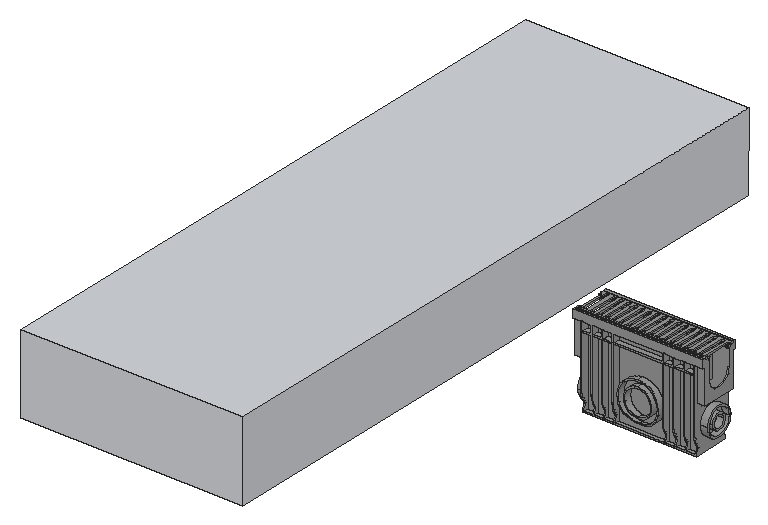
Revit family "PLASTIC SAND TRAP BASE DN100 Grate", category Оборудование, Revit 2019
Family settings
  Основа = Грань
  Размер круглого соединителя = Использовать диаметр
  Тип детали = Нормальный
  При загрузке вырезать с полостями = Нет
  Общий = Да
  Точка расчета площади = Нет
Parameters (values of type "8080")
  fastening [instance] = not(or(Drainage Grating = [A10-08], Drainage Grating = [A10-10], Drainage Grating = [A10-17], Drainage Grating = [A10-02], Drainage Grating = [A10-13]))  # no
  Drainage Grating [instance] = Brass slotted A15 : 2075
  Choise fastening [instance] = Choice of fastening : 6100-35
  no = No : No
  lattice [instance] = if(Drainage Grating = [A10-01], [G10-01], if(Drainage Grating = [A10-02], [G10-02], if(Drainage Grating = [A10-03], [G10-03], if(Drainage Grating = [A10-04], [G10-04], if(Drainage Grating = [A10-05], [G10-05], if(Drainage Grating = [A10-06], [G10-06], if(Drainage Grating = [A10-07], [G10-07], if(Drainage Grating = [A10-08], [G10-08], if(Drainage Grating = [A10-09], [G10-09], if(Drainage Grating = [A10-10], [G10-10], if(Drainage Grating = [A10-11], [G10-11], if(Drainage Grating = [A10-12], [G10-12], if(Drainage Grating = [A10-13], [G10-13], if(Drainage Grating = [A10-14], [G10-14], if(Drainage Grating = [A10-15], [G10-15], if(Drainage Grating = [A10-16], [G10-16], if(Drainage Grating = [A10-17], [G10-17], if(Drainage Grating = [A10-18], [G10-18], if(Drainage Grating = [A5-01], [G5-01], if(Drainage Grating = [A5-02], [G5-02], if(Drainage Grating = [A5-03], [G5-03], if(Drainage Grating = [A5-04], [G5-04], if(Drainage Grating = [A5-05], [G5-05], if(Drainage Grating = [A5-06], [G5-06], if(Drainage Grating = [A5-07], [G5-07], no)))))))))))))))))))))))))  # Brass grate Base DN100 slotted A15 0,5 m : 2075
  G5-07 = Plastic grate Base DN100 slotted A15 : 208019
  G5-06 = Cast iron grate Base DN100 slotted Wave С250 : 2030351
  G5-05 = Cast iron grate Base DN100 slotted Protector С250 : 203032
  G5-04 = Cast iron grate Base DN100 slotted anti-slip С250 : 20303
  G5-03 = Cast iron grate Base DN100 slotted С250 : 283031
  G5-02 = Cast iron grate Base DN100 slotted ADA С250 : 20403-ADA
  G5-01 = Cast iron grate Base DN100 mesh В125 : 20402
  G10-18 = Galvanized steel grate Base DN100 slotted for fastener A15 0,5 m : 20151
  G10-17 = Galvanized steel grate Base DN100 slotted A15 0,5 m : 2015
  G10-16 = Galvanized Steel Grate Base DN100 Mesh ADA A15 0,5 m : 2025
  G10-15 = Galvanized Steel Grate Base DN100 Mesh A15 0,5 m : 202516
  G10-14 = Galvanized Steel Grate Base DN100 Heelproof A15 screw fastening 0,5 m : 2025181
  G10-13 = Galvanized Steel Grate Base DN100 Heelproof A15 0,5 m : 202518
  G10-12 = Galvanized Steel Grate Base DN100 Mesh ADA B125 0,5 m : 20252
  G10-11 = Copper grate Base DN100 slotted for fastener A15 0,5 m : 20651
  G10-10 = Copper grate Base DN100 slotted A15 0,5 m : 2065
  G10-09 = Brass grate Base DN100 slotted for fastener A15 0,5 m : 20751
  G10-08 = Brass grate Base DN100 slotted A15 0,5 m : 2075
  G10-07 = Stainless steel grate Base DN100 slotted for fastener A15 0,5 m : 20951
  G10-06 = Stainless steel grate Base DN100 slotted A15 0,5 m : 2095
  G10-05 = Stainless Steel Grate Base DN100 Mesh ADA A15 0,5 m : 2055
  G10-04 = Stainless Steel Grate Base DN100 Mesh A15 0,5 m : 205516
  G10-03 = Stainless Steel Grate Base DN100 Heelproof A15 screw fastening 0,5 m : 2055181
  G10-02 = Stainless Steel Grate Base DN100 Heelproof A15 0,5 m : 205518
  G10-01 = Stainless Steel Grate Base DN100 Mesh ADA B125 0,5 m : 20552
  Fr3 = Fastening : 6800-35
  Fr2 = Fastening : 6200-35
  Fr1 = Fastening : 6100-35
  Fr [instance] = if(Choise fastening = Fa1, Fr1, if(Choise fastening = Fa2, Fr2, if(or(Drainage Grating = [A10-01], Drainage Grating = [A10-02], Drainage Grating = [A10-03], Drainage Grating = [A10-04], Drainage Grating = [A10-05], Drainage Grating = [A10-12], Drainage Grating = [A10-13], Drainage Grating = [A10-14], Drainage Grating = [A10-15], Drainage Grating = [A10-16]), Fr1, Fr3)))  # Fastening : 6100-35
  Fa2 = Choice of fastening : 6200-35
  Fa1 = Choice of fastening : 6100-35
  Dp50 = Dp : 50
  ConnectorFront = TC : Front
  ConnectorRight = TC : Right
  ConnectorLeft = TC : Left
  ConnectorBack = TC : Back
  Connection [instance] = TC : Back
  Channel = Plastic sand trap Base DN100 : 8080
  Connector angle [instance] = if(Connection = ConnectorLeft, 90.00°, if(Connection = ConnectorRight, 270.00°, if(Connection = ConnectorFront, 180.00°, if(Connection = ConnectorBack, 0.00°, 0.00°))))  # 0.00°
  Tray sinking [instance] = 20 mm  # constant formula
  Cap right [instance] = no
  Cap left [instance] = no
  Pipe diameter [instance] = Dp : 110
  Группа модели = "Linear drainage"  # constant formula
  L_line [instance] = if(or(Connection = ConnectorRight, Connection = ConnectorLeft), 78 mm, 250 mm)  # 250 mm
  H_Connector [instance] = if(or(Connection = ConnectorRight, Connection = ConnectorLeft), 250 mm, if(Connection = ConnectorFront, 249.5 mm, if(Connection = ConnectorBack, 282 mm, 0 mm)))  # 282 mm
  Dp160 = Dp : 160
  Dp110 = Dp : 110
  Dp [instance] = if(and(Pipe diameter = Dp160, or(Connection = ConnectorLeft, Connection = ConnectorRight)), 160 mm, if(and(or(Pipe diameter = Dp110, Pipe diameter = Dp50), or(Connection = ConnectorLeft, Connection = ConnectorRight)), 110 mm, if(and(Pipe diameter = Dp50, or(Connection = ConnectorBack, Connection = ConnectorFront)), 50 mm, 110 mm)))  # 110 mm
  CutUp [instance] = ADSK_Dimension_Height + Tray sinking  # 370 mm
  CutDown [instance] = -CutUp  # -370 mm
  Default Elevation = 0 mm
  W2 = 156 mm  # constant formula
  W1 = 160 mm  # constant formula
  Basket [instance] = yes
  ADSK_Weight = 2.6
  ADSK_Unit = "pcs"  # constant formula
  ADSK_Sealant = 11
  ADSK_Product code = "8080"
  ADSK_Position [instance] = ""
  ADSK_Name = "Plastic sand trap Base DN100 H350"
  ADSK_Material_Name = "Plastic"  # constant formula
  ADSK_Manufacturer = "Vodaland"  # constant formula
  ADSK_Load class = "C250"
  ADSK_Dimension_Width = 156 mm  # constant formula
  ADSK_Dimension_Lenght = 500 mm
  ADSK_Dimension_Height = 350 mm
  ADSK_Dimension_Diameter = 100 mm  # constant formula
  ADSK_Annotation [instance] = ""
  A5-07 = Plastic slotted A15 : 208019
  A5-06 = Cast iron slotted Wave С250 : 2030351
  A5-05 = Cast iron slotted Protector С250 : 203032
  A5-04 = Cast iron slotted anti-slip С250 : 20303
  A5-03 = Cast iron slotted С250 : 283031
  A5-02 = Cast iron slotted ADA С250 : 20403-ADA
  A5-01 = Cast iron mesh В125 : 20402
  A10-18 = Galvanized steel slotted for fastener A15 : 20151
  A10-17 = Galvanized steel slotted A15 : 2015
  A10-16 = Galvanized Steel Mesh ADA A15 : 2025
  A10-15 = Galvanized Steel Mesh A15 : 202516
  A10-14 = Galvanized Steel Heelproof A15 screw fastening : 2025181
  A10-13 = Galvanized Steel Heelproof A15 : 202518
  A10-12 = Galvanized Steel Mesh ADA B125 : 20252
  A10-11 = Copper slotted for fastener A15 : 20651
  A10-10 = Copper slotted A15 : 2065
  A10-09 = Brass slotted for fastener A15 : 20751
  A10-08 = Brass slotted A15 : 2075
  A10-07 = Stainless steel slotted for fastener A15 : 20951
  A10-06 = Stainless steel slotted A15 : 2095
  A10-05 = Stainless Steel Mesh ADA A15 : 2055
  A10-04 = Stainless Steel Mesh A15 : 205516
  A10-03 = Stainless Steel Heelproof A15 screw fastening : 2055181
  A10-02 = Stainless Steel Heelproof A15 : 205518
  A10-01 = Stainless Steel Mesh ADA B125 : 20552
Types (2, lengths in mm): name | CutUp | CutDown | ADSK_Product code | ADSK_Name | ADSK_Dimension_Lenght | ADSK_Dimension_Height
  8080 | 370 | -370 | "8080" | "Plastic sand trap Base DN100 H350" | 500 | 350
  8087 | 420 | -420 | "8087" | "Plastic sand trap Base DN100 H500 reinforced" | 507 | 400
Reference planes
  plane 1 "По центру (Вперед/Назад)": y = 0
  plane 2: z = 0
  plane 3 "По центру (Влево/Вправо)": x = 0
  plane 4: x = 500
  plane 5: y = 78
  plane 6: y = -78
  plane 7: x = 250
  plane 8: z = -20
  plane 9 "Down": z = -370
  plane 10 "middle": z = -302
Forms (mm)
  Extrusion 1, solid
    sketch origin (0, 0, 0) x (1, 0, 0) y (0, 1, 0)
      loop
        line (-1219.2, 1219.2) -> (-1219.2, -1219.2) -> (-362.167, -1219.2) -> (-362.167, 1219.2) -> (-1219.2, 1219.2)
    from 0 to -304.8
  Extrusion 2, void
    sketch origin (0, 0, 0) x (1, 0, 0) y (0, 1, 0)
      loop
        line (0, 78) -> (0, -78) -> (500, -78) -> (500, 78) -> (0, 78)
    from 0 to -370 <- "CutDown"
Lines and regions (mm)
  reference lines
    curve 1: line (0, 0, -302) -> (250, 0, -302)
Dimensions and locks
  equal spacing: plane 5, plane 1 "По центру (Вперед/Назад)", plane 6
  "ADSK_Dimension_Width": plane 5 to plane 6
  "ADSK_Dimension_Lenght": plane 3 "По центру (Влево/Вправо)" to plane 4
  equal spacing: plane 3 "По центру (Влево/Вправо)", plane 7, plane 4
  plane 7 to plane 4 = 250 mm
  plane 3 "По центру (Влево/Вправо)" to plane 7 = 250 mm
  "Tray sinking": plane 2 to plane 8
  "CutUp": plane 2 to plane 9 "Down"
  "L_line": curve 1 to curve 1
  "H_Connector": plane 8 to plane 10 "middle"
  "Connector angle": angle plane 1 "По центру (Вперед/Назад)" to curve 1
  aligned and locked: plane 2 to Extrusion 1
  aligned and locked: level to Extrusion 1
  aligned and locked: Extrusion 2 sketch curve to plane 5
  aligned and locked: plane 6 to Extrusion 2 sketch curve
  aligned and locked: plane 7 to curve 1
  aligned and locked: nested 1 to curve 1
  aligned and locked: plane 7 to nested 6
  aligned and locked: plane 1 "По центру (Вперед/Назад)" to nested 6
Automatic sketch dimensions
  Extrusion 1 sketch curve to Extrusion 1 sketch curve = 857.033 mm
  Extrusion 1 sketch curve to Extrusion 1 sketch curve = 2438.4 mm
  Extrusion 2 sketch curve to plane 3 "По центру (Влево/Вправо)" = 0 mm
  Extrusion 2 sketch curve to plane 4 = 0 mm
  plane 1 "По центру (Вперед/Назад)" to curve 1 = 0 mm
Nested families
  nested 1: "Brass grate Base DN100 slotted A15 0,5 m" at (250, 0, 0), type <- "lattice", type "2075"
  nested 2: "Plastic sand trap Base DN100" at (250, 0, 0), type <- "Channel", type "8080"
  nested 3: "Sealant" at (-40, 540, 0), ADSK_Sealant <- "ADSK_Sealant", type "Sealant"
    with Sealant 0, ADSK_Sealant 11
  nested 4: "Plastic end cap-adapter floating DN100" at (505, 0, 21) x (-1, 0, 0) z (0, 0, 1), visible <- "Cap right", type "68018"
  nested 5: "Plastic end cap-adapter floating DN100" at (-5, 0, 21), visible <- "Cap left", type "68018"
  nested 6: "Fastening" at (250, 0, 0), type <- "Fr", visible <- "fastening", type "6100-35"
  nested 7: "Basket DN100" at (250, 0, 0), visible <- "Basket", type "68091"
    with ADSK_Position "", ADSK_Annotation ""
Connectors
  piping at (0, 0, -302), diameter 110, driven by "Dp"
    settings: on curve 1, index 1, connector inside diameter 609.6 mm, connector length 0 mm, flow factor 0, pipe flow 0.0 L/s, pressure drop 0.0 Pa, fitting loss kfactor 0, connector angle 0.00°, fixture units 0, engagement length 0 mm, angle of deflection 0.00°, flow configuration 0, flow direction 2, fitting loss method 0, system type 7, joint type 0, gender type 0, connector reference index -1, connector utility 0, adjustable connector no, is connector primary yes, connector description ""
Definition of nested family "Brass grate Base DN100 slotted A15 0,5 m"
  Parameters (values of type "2075")
    V2R [instance] = yes
    nm [instance] = 0 mm
    kp [instance] = 0 mm
    km [instance] = 0 mm
    np [instance] = 0 mm
    Model = "Linear drainage"  # constant formula
    W1 [instance] = 140 mm
    Material = none
    L3 = 500 mm  # constant formula
    L2 = 500 mm  # constant formula
    ADSK_Weight = 1
    ADSK_Unit = "pcs"  # constant formula
    ADSK_Product code = "2075"
    ADSK_Position [instance] = ""
    ADSK_Name = "Brass grate Base DN100 slotted A15 0,5m"
    ADSK_Material_Name = "Brass"  # constant formula
    ADSK_Manufacturer = "Vodaland"  # constant formula
    ADSK_Load class = "A15"
    ADSK_Dimension_Width = 136 mm  # constant formula
    ADSK_Dimension_Lenght = 449 mm  # constant formula
    ADSK_Annotation [instance] = ""
  Reference planes
    plane 1 "По центру (Вперед/Назад)": y = 0
    plane 2: z = 0
    plane 3 "По центру (Влево/Вправо)": x = 0
    plane 4: y = 68
    plane 5: y = -68
    plane 6: z = -5
    plane 7: x = 750
    plane 8: x = -750
    plane 9: x = -250
    plane 10: x = -250
    plane 11: x = 250
    plane 12: x = 250
    plane 13: x = -250
    plane 14: y = -70
    plane 15: y = 70
    plane 16: x = 250
  Forms (mm)
    Extrusion 1, void
      sketch origin (0, 0, 0) x (1, 0, 0) y (0, 1, 0)
        loop
          line (-750, 70) -> (-750, -70) -> (-250, -70) -> (-250, 70) -> (-750, 70)
      from -61.78 to 49.528
    Extrusion 2, void
      sketch origin (0, 0, 0) x (1, 0, 0) y (0, 1, 0)
        loop
          line (750, 70) -> (250, 70) -> (250, -70) -> (750, -70) -> (750, 70)
      from -61.78 to 49.528
    Extrusion 3, solid, material <- "Material", detail levels medium+fine
      sketch origin (0, 0, 0) x (1, 0, 0) y (0, 1, 0)
        loop
          line (-250, 68) -> (-250, 56.428)
          arc (-250, 56.428) -> (-244.109, 54.447) -> (-241.6, 48.76) r 7.7
          line (-241.6, 48.76) -> (-241.6, -48.76)
          arc (-241.6, -48.76) -> (-244.109, -54.447) -> (-250, -56.428) r 7.7
          line (-250, -56.428) -> (-250, -68) -> (0, -68) -> (250, -68) -> (250, -56.428)
          arc (250, -56.428) -> (244.109, -54.447) -> (241.6, -48.76) r 7.7
          line (241.6, -48.76) -> (241.6, 48.76)
          arc (241.6, 48.76) -> (244.109, 54.447) -> (250, 56.428) r 7.7
          line (250, 56.428) -> (250, 68) -> (0, 68) -> (-250, 68)
        loop
          arc (0, 56.428) -> (-5.891, 54.447) -> (-8.4, 48.76) r 7.7
          line (-8.4, 48.76) -> (-8.4, -48.76)
          arc (-8.4, -48.76) -> (-5.891, -54.447) -> (0, -56.428) r 7.7
          arc (0, -56.428) -> (5.891, -54.447) -> (8.4, -48.76) r 7.7
          line (8.4, -48.76) -> (8.4, 48.76)
          arc (8.4, 48.76) -> (5.891, 54.447) -> (0, 56.428) r 7.7
        loop
          arc (-20.7, 48.76) -> (-28.4, 56.46) -> (-36.1, 48.76) r 7.7
          line (-36.1, 48.76) -> (-36.1, -48.76)
          arc (-36.1, -48.76) -> (-28.4, -56.46) -> (-20.7, -48.76) r 7.7
          line (-20.7, -48.76) -> (-20.7, 48.76)
        loop
          arc (-48.4, 48.76) -> (-56.1, 56.46) -> (-63.8, 48.76) r 7.7
          line (-63.8, 48.76) -> (-63.8, -48.76)
          arc (-63.8, -48.76) -> (-56.1, -56.46) -> (-48.4, -48.76) r 7.7
          line (-48.4, -48.76) -> (-48.4, 48.76)
        loop
          arc (-76.1, 48.76) -> (-83.8, 56.46) -> (-91.5, 48.76) r 7.7
          line (-91.5, 48.76) -> (-91.5, -48.76)
          arc (-91.5, -48.76) -> (-83.8, -56.46) -> (-76.1, -48.76) r 7.7
          line (-76.1, -48.76) -> (-76.1, 48.76)
        loop
          arc (-103.8, 48.76) -> (-111.5, 56.46) -> (-119.2, 48.76) r 7.7
          line (-119.2, 48.76) -> (-119.2, -48.76)
          arc (-119.2, -48.76) -> (-111.5, -56.46) -> (-103.8, -48.76) r 7.7
          line (-103.8, -48.76) -> (-103.8, 48.76)
        loop
          arc (-131.5, 48.76) -> (-139.2, 56.46) -> (-146.9, 48.76) r 7.7
          line (-146.9, 48.76) -> (-146.9, -48.76)
          arc (-146.9, -48.76) -> (-139.2, -56.46) -> (-131.5, -48.76) r 7.7
          line (-131.5, -48.76) -> (-131.5, 48.76)
        loop
          arc (-158.8, 48.76) -> (-166.5, 56.46) -> (-174.2, 48.76) r 7.7
          line (-174.2, 48.76) -> (-174.2, -48.76)
          arc (-174.2, -48.76) -> (-166.5, -56.46) -> (-158.8, -48.76) r 7.7
          line (-158.8, -48.76) -> (-158.8, 48.76)
        loop
          arc (-186.5, 48.76) -> (-194.2, 56.46) -> (-201.9, 48.76) r 7.7
          line (-201.9, 48.76) -> (-201.9, -48.76)
          arc (-201.9, -48.76) -> (-194.2, -56.46) -> (-186.5, -48.76) r 7.7
          line (-186.5, -48.76) -> (-186.5, 48.76)
        loop
          arc (-216.3, 48.76) -> (-224, 56.46) -> (-231.7, 48.76) r 7.7
          line (-231.7, 48.76) -> (-231.7, -48.76)
          arc (-231.7, -48.76) -> (-224, -56.46) -> (-216.3, -48.76) r 7.7
          line (-216.3, -48.76) -> (-216.3, 48.76)
        loop
          line (20.7, 48.76) -> (20.7, -48.76)
          arc (20.7, -48.76) -> (28.4, -56.46) -> (36.1, -48.76) r 7.7
          line (36.1, -48.76) -> (36.1, 48.76)
          arc (36.1, 48.76) -> (28.4, 56.46) -> (20.7, 48.76) r 7.7
        loop
          line (48.4, 48.76) -> (48.4, -48.76)
          arc (48.4, -48.76) -> (56.1, -56.46) -> (63.8, -48.76) r 7.7
          line (63.8, -48.76) -> (63.8, 48.76)
          arc (63.8, 48.76) -> (56.1, 56.46) -> (48.4, 48.76) r 7.7
        loop
          line (76.1, 48.76) -> (76.1, -48.76)
          arc (76.1, -48.76) -> (83.8, -56.46) -> (91.5, -48.76) r 7.7
          line (91.5, -48.76) -> (91.5, 48.76)
          arc (91.5, 48.76) -> (83.8, 56.46) -> (76.1, 48.76) r 7.7
        loop
          line (103.8, 48.76) -> (103.8, -48.76)
          arc (103.8, -48.76) -> (111.5, -56.46) -> (119.2, -48.76) r 7.7
          line (119.2, -48.76) -> (119.2, 48.76)
          arc (119.2, 48.76) -> (111.5, 56.46) -> (103.8, 48.76) r 7.7
        loop
          line (131.5, 48.76) -> (131.5, -48.76)
          arc (131.5, -48.76) -> (139.2, -56.46) -> (146.9, -48.76) r 7.7
          line (146.9, -48.76) -> (146.9, 48.76)
          arc (146.9, 48.76) -> (139.2, 56.46) -> (131.5, 48.76) r 7.7
        loop
          line (158.8, 48.76) -> (158.8, -48.76)
          arc (158.8, -48.76) -> (166.5, -56.46) -> (174.2, -48.76) r 7.7
          line (174.2, -48.76) -> (174.2, 48.76)
          arc (174.2, 48.76) -> (166.5, 56.46) -> (158.8, 48.76) r 7.7
        loop
          line (186.5, 48.76) -> (186.5, -48.76)
          arc (186.5, -48.76) -> (194.2, -56.46) -> (201.9, -48.76) r 7.7
          line (201.9, -48.76) -> (201.9, 48.76)
          arc (201.9, 48.76) -> (194.2, 56.46) -> (186.5, 48.76) r 7.7
        loop
          line (216.3, 48.76) -> (216.3, -48.76)
          arc (216.3, -48.76) -> (224, -56.46) -> (231.7, -48.76) r 7.7
          line (231.7, -48.76) -> (231.7, 48.76)
          arc (231.7, 48.76) -> (224, 56.46) -> (216.3, 48.76) r 7.7
      from -5 to 0
    Extrusion 4, solid, material <- "Material", detail levels medium+fine
      sketch origin (0, 0, 0) x (0, 1, 0) y (0, 0, 1)
        loop
          arc (-52.75, -5) -> (-51.336, -5.586) -> (-50.75, -7) r 2
          line (-50.75, -7) -> (-50.75, -12.5)
          arc (-50.75, -12.5) -> (-50.604, -12.854) -> (-50.25, -13) r 0.5
          line (-50.25, -13) -> (-48.3, -13)
          arc (-48.3, -13) -> (-47.946, -12.854) -> (-47.8, -12.5) r 0.5
          line (-47.8, -12.5) -> (-47.8, -5.815)
          arc (-47.8, -5.815) -> (-47.478, -5.154) -> (-46.76, -5) r 0.839
          arc (-46.76, -5) -> (-46.406, -4.854) -> (-46.26, -4.5) r 0.5
          line (-46.26, -4.5) -> (-46.26, -2.8)
          arc (-46.26, -2.8) -> (-46.406, -2.446) -> (-46.76, -2.3) r 0.5
          line (-46.76, -2.3) -> (-59.892, -2.3) -> (-59.892, -3.611)
          arc (-59.892, -3.611) -> (-59.147, -4.617) -> (-57.955, -5) r 2.045
          line (-57.955, -5) -> (-52.75, -5)
        loop
          line (52.75, -5) -> (57.955, -5)
          arc (57.955, -5) -> (59.147, -4.617) -> (59.892, -3.611) r 2.045
          line (59.892, -3.611) -> (59.892, -2.3) -> (46.76, -2.3)
          arc (46.76, -2.3) -> (46.406, -2.446) -> (46.26, -2.8) r 0.5
          line (46.26, -2.8) -> (46.26, -4.5)
          arc (46.26, -4.5) -> (46.406, -4.854) -> (46.76, -5) r 0.5
          arc (46.76, -5) -> (47.478, -5.154) -> (47.8, -5.815) r 0.839
          line (47.8, -5.815) -> (47.8, -12.5)
          arc (47.8, -12.5) -> (47.946, -12.854) -> (48.3, -13) r 0.5
          line (48.3, -13) -> (50.25, -13)
          arc (50.25, -13) -> (50.604, -12.854) -> (50.75, -12.5) r 0.5
          line (50.75, -12.5) -> (50.75, -7)
          arc (50.75, -7) -> (51.336, -5.586) -> (52.75, -5) r 2
      from -250 to 250
  Cuts and joins
    Extrusion 1, Extrusion 2 cuts Extrusion 3
    Extrusion 1, Extrusion 2 cuts Extrusion 4
  Lines and regions (mm)
    reference lines
      curve 1: line (-250, 70, 0) -> (-250, -70, 0)
      curve 2: line (250, 70, 0) -> (250, -70, 0)
  Dimensions and locks
    equal spacing: plane 4, plane 1 "По центру (Вперед/Назад)", plane 5
    "ADSK_Dimension_Width": plane 4 to plane 5
    locked: level to plane 6 at 5
    "np": plane 10 to plane 9
    "nm": plane 10 to plane 13
    equal spacing: plane 14, plane 1 "По центру (Вперед/Назад)", plane 15
    "W1": plane 15 to plane 14
    equal spacing: plane 10, plane 3 "По центру (Влево/Вправо)", plane 16
    "L3": plane 10 to plane 16
    "km": plane 12 to plane 16
    "kp": plane 11 to plane 16
    aligned and locked: level to plane 2
    aligned and locked: Extrusion 1 sketch curve to plane 8
    aligned and locked: plane 7 to Extrusion 2 sketch curve
    aligned and locked: Extrusion 3 to plane 6
    aligned and locked: level to Extrusion 3
    aligned and locked: plane 14 to curve 1
    aligned and locked: plane 13 to curve 1
    aligned and locked: plane 15 to curve 1
    aligned and locked: plane 9 to curve 1
    aligned and locked: plane 14 to curve 2
    aligned and locked: plane 11 to curve 2
    aligned and locked: plane 15 to curve 2
    aligned and locked: plane 12 to curve 2
    aligned and locked: curve 1 to Extrusion 1 sketch curve
    aligned and locked: plane 14 to Extrusion 1 sketch curve
    aligned and locked: Extrusion 1 sketch curve to plane 15
    aligned and locked: curve 2 to Extrusion 2 sketch curve
    aligned and locked: Extrusion 2 sketch curve to plane 15
    aligned and locked: Extrusion 2 sketch curve to plane 14
  Automatic sketch dimensions
    Extrusion 4 sketch curve to plane 6 = 0 mm  (x4)
    plane 6 to Extrusion 4 sketch curve = 1.389 mm  (x2)
    plane 5 to Extrusion 4 sketch curve = 8.108 mm
    Extrusion 4 sketch curve to Extrusion 4 sketch curve = 1.937 mm  (x2)
    Extrusion 4 sketch curve to Extrusion 4 sketch curve = 5.205 mm  (x2)
    Extrusion 4 sketch curve to Extrusion 4 sketch curve = 2 mm  (x2)
    Extrusion 4 sketch curve to Extrusion 4 sketch curve = 0.5 mm  (x6)
    Extrusion 4 sketch curve to Extrusion 4 sketch curve = 1.95 mm  (x2)
    Extrusion 4 sketch curve to Extrusion 4 sketch curve = 0.839 mm  (x2)
    plane 6 to Extrusion 4 sketch curve = 0.5 mm  (x2)
    Extrusion 4 sketch curve to Extrusion 4 sketch curve = 0.201 mm  (x2)
    Extrusion 4 sketch curve to plane 4 = 21.74 mm
    Extrusion 4 sketch curve to Extrusion 4 sketch curve = 5.5 mm  (x2)
    Extrusion 4 sketch curve to Extrusion 4 sketch curve = 1.7 mm  (x2)
    Extrusion 3 sketch curve to plane 3 "По центру (Влево/Вправо)" = 0 mm  (x4)
    Extrusion 3 sketch curve to plane 3 "По центру (Влево/Вправо)" = 0.7 mm  (x2)
    Extrusion 3 sketch curve to Extrusion 3 sketch curve = 7.7 mm  (x22)
    Extrusion 3 sketch curve to Extrusion 3 sketch curve = 12.3 mm  (x12)
    Extrusion 3 sketch curve to Extrusion 3 sketch curve = 11.9 mm  (x2)
    Extrusion 3 sketch curve to Extrusion 3 sketch curve = 14.4 mm  (x2)
    Extrusion 3 sketch curve to Extrusion 3 sketch curve = 9.9 mm  (x2)
    Extrusion 3 sketch curve to Extrusion 3 sketch curve = 0.7 mm  (x4)
    plane 3 "По центру (Влево/Вправо)" to Extrusion 3 sketch curve = 0.7 mm  (x2)
    plane 14 to Extrusion 3 sketch curve = 138 mm
    Extrusion 3 sketch curve to Extrusion 3 sketch curve = 11.572 mm  (x3)
    Extrusion 3 sketch curve to Extrusion 3 sketch curve = 0 mm  (x32)
    Extrusion 3 sketch curve to Extrusion 3 sketch curve = 19.24 mm
    Extrusion 3 sketch curve to Extrusion 3 sketch curve = 97.52 mm  (x3)
Definition of nested family "Plastic sand trap Base DN100"
  Parameters (values of type "8080")
    US = no
    S = 156 mm  # constant formula
    Rl = 72 mm
    R2 = R1 + 5 mm  # 54 mm
    R1 = 49 mm
    Material2 = none
    Material = none
    L = 500 mm  # constant formula
    Hпос = 5 mm  # constant formula
    H2 = 138 mm
    H1 = 123 mm
    H = 344 mm
    DN = 100 mm  # constant formula
  Reference planes
    plane 1 "По центру (Вперед/Назад)": y = 0
    plane 2 "Up": z = 0
    plane 3 "По центру (Влево/Вправо)": x = 0
    plane 4 "L": x = -250
    plane 5 "R": x = 250
    plane 6 "Down": z = -349
    plane 7 "D": y = -78
    plane 8 "U": y = 78
    plane 9: z = -5
    plane 10: y = -50
    plane 11: y = 50
    plane 12: z = -128
    plane 13: y = 68
    plane 14: y = -68
    plane 15: z = -25
    plane 16: z = -163
  Forms (mm)
    Blend 1, void
      base sketch origin (-250, 0, 0) x (0, 1, 0) y (0, 0, 1)
        loop
          line (50, -5) -> (-50, -5) -> (-50, -79)
          arc (-50, -79) -> (-35.648, -113.648) -> (-1, -128) r 49
          line (-1, -128) -> (1, -128)
          arc (1, -128) -> (35.648, -113.648) -> (50, -79) r 49
          line (50, -79) -> (50, -5)
      top sketch origin (-250, 0, 0) x (0, 1, 0) y (0, 0, 1)
        loop
          line (50, -5) -> (-50, -5) -> (-50, -79)
          arc (-50, -79) -> (-35.648, -113.648) -> (-1, -128) r 49
          line (-1, -128) -> (1, -128)
          arc (1, -128) -> (35.648, -113.648) -> (50, -79) r 49
          line (50, -79) -> (50, -5)
      from 0 to 1000
    Extrusion 2, solid, material <- "Material2", visible <- "US", detail levels medium+fine
      sketch origin (-250, 1.25, 0) x (0, 1, 0) y (0, 0, 1)
        loop
          line (-69.312, -5) -> (-51.25, -5) -> (-51.25, -10) -> (-50.25, -10) -> (-50.25, -4) -> (-68.312, -4) -> (-68.312, 0) -> (-69.312, 0) -> (-69.312, -5)
        loop
          line (66.812, -5) -> (66.812, 0) -> (65.812, 0) -> (65.812, -4) -> (47.75, -4) -> (47.75, -10) -> (48.75, -10) -> (48.75, -5) -> (66.812, -5)
      from 0 to 500
    Extrusion 3, solid, material <- "Material", detail levels medium+fine
      sketch origin (-250, 0, 0) x (0, 1, 0) y (0, 0, 1)
        loop
          line (-78, 0) -> (-78, -349) -> (78, -349) -> (78, 0) -> (68, 0) -> (68, -5) -> (-68, -5) -> (-68, 0) -> (-78, 0)
      from 0 to 500
    Extrusion 4, void, detail levels medium+fine
      sketch origin (0, -78, 0) x (0, 0, 1) y (1, 0, 0)
        loop
          line (-344, -215) -> (-67.5, -215) -> (-67.5, -180) -> (-344, -180) -> (-344, -215)
        loop
          line (-344, -175) -> (-67.5, -175) -> (-67.5, -140) -> (-344, -140) -> (-344, -175)
        loop
          line (-67.5, -135) -> (-67.5, -100) -> (-344, -100) -> (-344, -135) -> (-67.5, -135)
        loop
          line (-67.5, 215) -> (-344, 215) -> (-344, 180) -> (-67.5, 180) -> (-67.5, 215)
        loop
          line (-67.5, 175) -> (-344, 175) -> (-344, 140) -> (-67.5, 140) -> (-67.5, 175)
        loop
          line (-67.5, 135) -> (-344, 135) -> (-344, 100) -> (-67.5, 100) -> (-67.5, 135)
        loop
          line (-67.5, 95) -> (-344, 95) -> (-344, -95) -> (-67.5, -95) -> (-67.5, 95)
        loop
          circle (-237.07, 0) r 75
        loop
          circle (-237.07, 0) r 80
        loop
          circle (-237.07, 0) r 55
        loop
          circle (-237.07, 0) r 50
        loop
          line (-30, -215) -> (-30, -180) -> (-62.5, -180) -> (-62.5, -215) -> (-30, -215)
        loop
          line (-30, -175) -> (-30, -140) -> (-62.5, -140) -> (-62.5, -175) -> (-30, -175)
        loop
          line (-30, -135) -> (-30, -100) -> (-62.5, -100) -> (-62.5, -135) -> (-30, -135)
        loop
          line (-30, -95) -> (-30, 95) -> (-62.5, 95) -> (-62.5, -95) -> (-30, -95)
        loop
          line (-30, 100) -> (-30, 135) -> (-62.5, 135) -> (-62.5, 100) -> (-30, 100)
        loop
          line (-30, 140) -> (-30, 175) -> (-62.5, 175) -> (-62.5, 140) -> (-30, 140)
        loop
          line (-30, 180) -> (-30, 215) -> (-62.5, 215) -> (-62.5, 180) -> (-30, 180)
      from 0 to 25
    Extrusion 5, void, detail levels medium+fine
      sketch origin (0, 78, 0) x (0, 0, 1) y (1, 0, 0)
        loop
          line (-30, -215) -> (-30, -180) -> (-62.5, -180) -> (-62.5, -215) -> (-30, -215)
        loop
          line (-30, -175) -> (-30, -140) -> (-62.5, -140) -> (-62.5, -175) -> (-30, -175)
        loop
          line (-30, -135) -> (-30, -100) -> (-62.5, -100) -> (-62.5, -135) -> (-30, -135)
        loop
          line (-30, -95) -> (-30, 95) -> (-62.5, 95) -> (-62.5, -95) -> (-30, -95)
        loop
          line (-30, 100) -> (-30, 135) -> (-62.5, 135) -> (-62.5, 100) -> (-30, 100)
        loop
          line (-30, 140) -> (-30, 175) -> (-62.5, 175) -> (-62.5, 140) -> (-30, 140)
        loop
          line (-30, 180) -> (-30, 215) -> (-62.5, 215) -> (-62.5, 180) -> (-30, 180)
        loop
          line (-67.5, -215) -> (-67.5, -180) -> (-344, -180) -> (-344, -215) -> (-67.5, -215)
        loop
          line (-67.5, -135) -> (-67.5, -100) -> (-344, -100) -> (-344, -135) -> (-67.5, -135)
        loop
          line (-67.5, -175) -> (-67.5, -140) -> (-344, -140) -> (-344, -175) -> (-67.5, -175)
        loop
          line (-67.5, 100) -> (-67.5, 135) -> (-344, 135) -> (-344, 100) -> (-67.5, 100)
        loop
          line (-67.5, -95) -> (-67.5, 95) -> (-344, 95) -> (-344, -95) -> (-67.5, -95)
        loop
          line (-67.5, 140) -> (-67.5, 175) -> (-344, 175) -> (-344, 140) -> (-67.5, 140)
        loop
          line (-67.5, 180) -> (-67.5, 215) -> (-344, 215) -> (-344, 180) -> (-67.5, 180)
        loop
          circle (-236.358, 0) r 80
        loop
          circle (-236.358, 0) r 74.788
        loop
          circle (-236.358, 0) r 54.788
        loop
          circle (-236.358, 0) r 49.788
      from 0 to -25
    Extrusion 6, void, detail levels medium+fine
      sketch origin (250, 0, 0) x (0, 1, 0) y (0, 0, 1)
        loop
          line (-78, -30) -> (-78, -349) -> (78, -349) -> (78, -30) -> (68, -30) -> (68, -163) -> (-68, -163) -> (-68, -30) -> (-78, -30)
        loop
          circle (0, -246.5) r 55
        loop
          circle (0, -246.5) r 50
        loop
          circle (0, -246.5) r 30
        loop
          circle (0, -246.5) r 25
      from 0 to -30
    Extrusion 7, void, detail levels medium+fine
      sketch origin (-250, 0, 0) x (0, 1, 0) y (0, 0, 1)
        loop
          line (78, -30) -> (68, -30) -> (68, -163) -> (-68, -163) -> (-68, -30) -> (-78, -30) -> (-78, -349) -> (78, -349) -> (78, -30)
        loop
          circle (0, -285.25) r 55
        loop
          circle (0, -285.25) r 50
        loop
          circle (0, -285.25) r 30
        loop
          circle (0, -285.25) r 25
      from 0 to 30
    Extrusion 8, void, detail levels medium+fine
      sketch origin (0, 0, -349) x (0, -1, 0) y (1, 0, 0)
        loop
          line (-50, -215) -> (50, -215) -> (50, 215) -> (-50, 215) -> (-50, -215)
      from 5 to 384
    Extrusion 9, void
      sketch origin (250, 0, 0) x (0, 1, 0) y (0, 0, 1)
        loop
          line (-117.723, -250.329) -> (-117.723, -349) -> (-68, -349) -> (-68, -336)
          arc (-68, -336) -> (-62.085, -325.599) -> (-65.041, -314.004) r 15.994
          arc (-65.041, -314.004) -> (-74.687, -293.977) -> (-78, -271.997) r 74.564
          line (-78, -271.997) -> (-78, -250.329) -> (-117.723, -250.329)
        loop
          line (117.723, -250.329) -> (78, -250.329) -> (78, -271.997)
          arc (78, -271.997) -> (74.687, -293.977) -> (65.041, -314.004) r 74.564
          arc (65.041, -314.004) -> (62.085, -325.599) -> (68, -336) r 15.994
          line (68, -336) -> (68, -349) -> (117.723, -349) -> (117.723, -250.329)
      from -500 to 500
    Extrusion 10, void, detail levels medium+fine
      sketch origin (0, 0, 0) x (1, 0, 0) y (0, 1, 0)
        loop
          line (-245, 50) -> (-245, -50) -> (245, -50) -> (245, 50) -> (-245, 50)
      from 0 to -186
    Extrusion 11, solid, detail levels coarse
      sketch origin (0, 0, -349) x (0, -1, 0) y (1, 0, 0)
        loop
          line (-78, -250) -> (78, -250) -> (78, 250) -> (-78, 250) -> (-78, -250)
      from 0 to 349
  Cuts and joins
    Blend 1, Extrusion 4, Extrusion 5, Extrusion 6, Extrusion 7, Extrusion 8, Extrusion 9, Extrusion 10 cuts Extrusion 3
  Dimensions and locks
    equal spacing: plane 4 "L", plane 3 "По центру (Влево/Вправо)", plane 5 "R"
    "L": plane 4 "L" to plane 5 "R"
    "S": plane 7 "D" to plane 8 "U"
    equal spacing: plane 7 "D", plane 1 "По центру (Вперед/Назад)", plane 8 "U"
    "Hпос": plane 2 "Up" to plane 9
    "DN": plane 10 to plane 11
    equal spacing: plane 10, plane 1 "По центру (Вперед/Назад)", plane 11
    "H1": plane 9 to plane 12
    "H": plane 9 to plane 6 "Down"
    equal spacing: plane 13, plane 1 "По центру (Вперед/Назад)", plane 14
    locked: plane 13 to plane 14 at 136
    locked: plane 9 to plane 15 at 20
    "H2": plane 15 to plane 16
    Extrusion 4 sketch curve to plane 6 "Down" = 111.93 mm
    Extrusion 4 sketch curve to Extrusion 4 sketch curve to Extrusion 4 sketch curve = 5 mm, 32.5 mm
    Extrusion 6 sketch curve to plane 6 "Down" = 102.5 mm
    Extrusion 7 sketch curve to plane 6 "Down" = 63.75 mm
    "R1": radius of Blend 1 sketch curve  (x4)
    aligned and locked: level to plane 2 "Up"
    aligned and locked: Blend 1 sketch curve to plane 11  (x2)
    aligned and locked: Blend 1 sketch curve to plane 10  (x2)
    aligned and locked: Blend 1 sketch curve to plane 9  (x2)
    aligned and locked: plane 12 to Blend 1 sketch curve
    aligned and locked: Extrusion 3 to plane 7 "D"
    aligned and locked: Extrusion 3 to plane 8 "U"
    aligned and locked: plane 2 "Up" to Extrusion 3  (x2)
    aligned and locked: Extrusion 3 sketch curve to plane 14
    aligned and locked: plane 13 to Extrusion 3 sketch curve
    aligned and locked: Extrusion 3 sketch curve to plane 9
    aligned and locked: Extrusion 3 sketch curve to plane 6 "Down"
    aligned and locked: plane 5 "R" to cut or joined group of Blend 1, Extrusion 3, Extrusion 4, Extrusion 5, Extrusion 6, Extrusion 7, Extrusion 8, Extrusion 9, Extrusion 10
    aligned and locked: Extrusion 9 sketch curve to plane 6 "Down"
    aligned and locked: plane 6 "Down" to Extrusion 9 sketch curve
    aligned and locked: Extrusion 9 sketch curve to plane 14
    aligned and locked: Extrusion 9 sketch curve to plane 13
    aligned and locked: Extrusion 11 sketch curve to plane 5 "R"
    aligned and locked: plane 4 "L" to Extrusion 11 sketch curve
    aligned and locked: Extrusion 11 sketch curve to plane 8 "U"
    aligned and locked: plane 7 "D" to Extrusion 11 sketch curve
    aligned and locked: Extrusion 11 to plane 6 "Down"
    aligned and locked: plane 2 "Up" to Extrusion 11
  Automatic sketch dimensions
    Extrusion 2 sketch curve to level = 0 mm  (x2)
    Extrusion 2 sketch curve to plane 9 = 0 mm  (x2)
    plane 14 to Extrusion 2 sketch curve = 0.938 mm
    Extrusion 2 sketch curve to plane 10 = 0 mm
    Extrusion 2 sketch curve to plane 11 = 0 mm
    Extrusion 2 sketch curve to plane 13 = 0.938 mm
    Extrusion 2 sketch curve to plane 14 = 0.062 mm
    Extrusion 2 sketch curve to plane 10 = 1 mm
    Extrusion 2 sketch curve to Extrusion 2 sketch curve = 1 mm
    plane 13 to Extrusion 2 sketch curve = 0.062 mm
    Extrusion 2 sketch curve to plane 9 = 5 mm  (x2)
    plane 9 to Extrusion 2 sketch curve = 1 mm  (x2)
    Extrusion 3 sketch curve to level = 0 mm  (x2)
    Extrusion 3 sketch curve to plane 7 "D" = 0 mm
    Extrusion 3 sketch curve to plane 8 "U" = 0 mm
    Extrusion 4 sketch curve to Extrusion 4 sketch curve = 0 mm  (x26)
    Extrusion 4 sketch curve to plane 3 "По центру (Влево/Вправо)" = 0 mm
    plane 6 "Down" to Extrusion 4 sketch curve = 5 mm  (x4)
    plane 12 to Extrusion 4 sketch curve = 60.5 mm
    Extrusion 4 sketch curve to Extrusion 4 sketch curve = 5 mm  (x13)
    Extrusion 4 sketch curve to plane 15 = 5 mm  (x4)
    Extrusion 4 sketch curve to plane 3 "По центру (Влево/Вправо)" = 95 mm  (x2)
    Extrusion 4 sketch curve to Extrusion 4 sketch curve = 35 mm  (x7)
    plane 3 "По центру (Влево/Вправо)" to Extrusion 4 sketch curve = 95 mm
    Extrusion 4 sketch curve to plane 5 "R" = 35 mm  (x2)
    Extrusion 5 sketch curve to Extrusion 5 sketch curve = 0 mm  (x32)
    Extrusion 5 sketch curve to plane 3 "По центру (Влево/Вправо)" = 0 mm
    plane 6 "Down" to Extrusion 5 sketch curve = 5 mm  (x5)
    Extrusion 5 sketch curve to plane 16 = 73.358 mm
    plane 12 to Extrusion 5 sketch curve = 60.5 mm  (x2)
    Extrusion 5 sketch curve to Extrusion 5 sketch curve = 5 mm  (x15)
    Extrusion 5 sketch curve to plane 15 = 5 mm  (x3)
    Extrusion 5 sketch curve to plane 3 "По центру (Влево/Вправо)" = 95 mm  (x2)
    Extrusion 5 sketch curve to Extrusion 5 sketch curve = 35 mm  (x7)
    plane 4 "L" to Extrusion 5 sketch curve = 35 mm
    plane 3 "По центру (Влево/Вправо)" to Extrusion 5 sketch curve = 95 mm
    Extrusion 6 sketch curve to Extrusion 6 sketch curve = 0 mm  (x9)
    Extrusion 6 sketch curve to plane 7 "D" = 0 mm
    Extrusion 6 sketch curve to plane 14 = 0 mm
    Extrusion 6 sketch curve to plane 1 "По центру (Вперед/Назад)" = 0 mm
    Extrusion 6 sketch curve to plane 13 = 0 mm
    Extrusion 6 sketch curve to plane 8 "U" = 0 mm
    Extrusion 6 sketch curve to plane 6 "Down" = 0 mm
    Extrusion 6 sketch curve to plane 16 = 0 mm
    Extrusion 6 sketch curve to plane 15 = 5 mm  (x2)
    Extrusion 7 sketch curve to Extrusion 7 sketch curve = 0 mm  (x6)
    Extrusion 7 sketch curve to plane 7 "D" = 0 mm
    Extrusion 7 sketch curve to plane 14 = 0 mm
    Extrusion 7 sketch curve to plane 1 "По центру (Вперед/Назад)" = 0 mm
    Extrusion 7 sketch curve to plane 13 = 0 mm
    Extrusion 7 sketch curve to plane 8 "U" = 0 mm
    Extrusion 7 sketch curve to plane 6 "Down" = 0 mm
    Extrusion 7 sketch curve to plane 16 = 0 mm
    Extrusion 7 sketch curve to plane 15 = 5 mm  (x2)
    plane 11 to Extrusion 8 sketch curve = 0 mm
    Extrusion 8 sketch curve to plane 10 = 0 mm
    plane 4 "L" to Extrusion 8 sketch curve = 35 mm
    Extrusion 8 sketch curve to plane 5 "R" = 35 mm
    Extrusion 9 sketch curve to plane 7 "D" = 0 mm
    Extrusion 9 sketch curve to plane 8 "U" = 0 mm
    Extrusion 9 sketch curve to plane 7 "D" = 39.723 mm
    plane 7 "D" to Extrusion 9 sketch curve = 0.064 mm
    plane 1 "По центру (Вперед/Назад)" to Extrusion 9 sketch curve = 3.436 mm
    Extrusion 9 sketch curve to plane 1 "По центру (Вперед/Назад)" = 3.436 mm
    Extrusion 9 sketch curve to plane 8 "U" = 0.064 mm
    plane 8 "U" to Extrusion 9 sketch curve = 39.723 mm
    plane 6 "Down" to Extrusion 9 sketch curve = 13 mm
    Extrusion 9 sketch curve to Extrusion 9 sketch curve = 13 mm
    Extrusion 9 sketch curve to Extrusion 9 sketch curve = 12.534 mm  (x2)
    Extrusion 9 sketch curve to Extrusion 9 sketch curve = 51.47 mm  (x2)
    Extrusion 9 sketch curve to Extrusion 9 sketch curve = 21.668 mm  (x2)
    plane 4 "L" to Extrusion 10 sketch curve = 5 mm
    Extrusion 10 sketch curve to plane 5 "R" = 5 mm
    Extrusion 10 sketch curve to plane 10 = 0 mm
    plane 11 to Extrusion 10 sketch curve = 0 mm
    Blend 1 sketch curve to plane 12 = 0 mm
    radius of Extrusion 4 sketch curve = 75 mm
    radius of Extrusion 4 sketch curve = 80 mm
    radius of Extrusion 4 sketch curve = 55 mm
    radius of Extrusion 4 sketch curve = 50 mm
    radius of Extrusion 5 sketch curve = 80 mm
    radius of Extrusion 5 sketch curve = 74.788 mm
    radius of Extrusion 5 sketch curve = 54.788 mm
    radius of Extrusion 5 sketch curve = 49.788 mm
    radius of Extrusion 6 sketch curve = 55 mm
    radius of Extrusion 6 sketch curve = 50 mm
    radius of Extrusion 6 sketch curve = 30 mm
    radius of Extrusion 6 sketch curve = 25 mm
    radius of Extrusion 7 sketch curve = 55 mm
    radius of Extrusion 7 sketch curve = 50 mm
    radius of Extrusion 7 sketch curve = 30 mm
    radius of Extrusion 7 sketch curve = 25 mm
Definition of nested family "Plastic end cap-adapter floating DN100"
  Parameters (values of type "68018")
    Model = "Linear drainage"  # constant formula
    W = 125.8 mm
    Material = none
    L = 5 mm
    H [instance] = 185.5 mm
    ADSK_Weight = 0.078
    ADSK_Unit = "pcs"  # constant formula
    ADSK_Product code = "68018"
    ADSK_Position [instance] = ""
    ADSK_Name = "Plastic end cap-adapter floating for plastic sand trap Base DN100"
    ADSK_Material_Name = "Plastic"  # constant formula
    ADSK_Manufacturer = "Vodaland"  # constant formula
    ADSK_Annotation [instance] = ""
  Reference planes
    plane 1 "По центру (Вперед/Назад)": y = 0
    plane 2: z = -41
    plane 3 "По центру (Влево/Вправо)": x = 0
    plane 4: y = 62.9
    plane 5: y = -62.9
    plane 6: x = -2.5
    plane 7: z = -226.5
    plane 8: x = -20
    plane 9: x = 5
    plane 10: z = -314
  Forms (mm)
    Extrusion 1, solid, material <- "Material", detail levels medium+fine
      sketch origin (0, 0, 0) x (0, 1, 0) y (0, 0, 1)
        loop
          line (56.146, -61.5) -> (54.637, -61.5)
          arc (54.637, -61.5) -> (53.933, -61.79) -> (53.637, -62.491) r 1
          line (53.637, -62.491) -> (52.8, -158.409)
          arc (52.8, -158.409) -> (0, -210.75) -> (-52.8, -158.409) r 52.802
          line (-52.8, -158.409) -> (-53.637, -62.491)
          arc (-53.637, -62.491) -> (-53.933, -61.79) -> (-54.637, -61.5) r 1
          line (-54.637, -61.5) -> (-56.146, -61.5) -> (-55.3, -158.431)
          arc (-55.3, -158.431) -> (0, -213.25) -> (55.3, -158.431) r 55.302
          line (55.3, -158.431) -> (56.146, -61.5)
      from 0 to -9.937
    Extrusion 2, solid, material <- "Material", detail levels medium+fine
      sketch origin (0, 0, 0) x (0, 1, 0) y (0, 0, 1)
        loop
          line (55.3, -158.431) -> (56.146, -61.5) -> (54.637, -61.5)
          arc (54.637, -61.5) -> (53.933, -61.79) -> (53.637, -62.491) r 1
          line (53.637, -62.491) -> (52.8, -158.409)
          arc (52.8, -158.409) -> (0, -210.75) -> (-52.8, -158.409) r 52.802
          line (-52.8, -158.409) -> (-53.637, -62.491)
          arc (-53.637, -62.491) -> (-53.933, -61.79) -> (-54.637, -61.5) r 1
          line (-54.637, -61.5) -> (-56.146, -61.5) -> (-55.3, -158.431)
          arc (-55.3, -158.431) -> (0, -213.25) -> (55.3, -158.431) r 55.302
      from -9.937 to -20
    Extrusion 3, solid, material <- "Material", detail levels medium+fine
      sketch origin (0, 0, 0) x (0, 1, 0) y (0, 0, 1)
        loop
          line (56.15, -41) -> (54, -41)
          arc (54, -41) -> (52.586, -41.586) -> (52, -43) r 2
          line (52, -43) -> (52, -51) -> (50.262, -51) -> (48.843, -159.378)
          arc (48.843, -159.378) -> (34.566, -192.913) -> (0.847, -206.75) r 48
          line (0.847, -206.75) -> (-0.847, -206.75)
          arc (-0.847, -206.75) -> (-34.566, -192.913) -> (-48.843, -159.378) r 48
          line (-48.843, -159.378) -> (-50.262, -51) -> (-52, -51) -> (-52, -43)
          arc (-52, -43) -> (-52.586, -41.586) -> (-54, -41) r 2
          line (-54, -41) -> (-56.15, -41) -> (-62.9, -41) -> (-62.9, -58)
          arc (-62.9, -58) -> (-62.754, -58.354) -> (-62.4, -58.5) r 0.5
          line (-62.4, -58.5) -> (-61.4, -58.5) -> (-61.4, -61.013) -> (-59.956, -226.5) -> (59.956, -226.5) -> (61.4, -61.013) -> (61.4, -58.5) -> (62.4, -58.5)
          arc (62.4, -58.5) -> (62.754, -58.354) -> (62.9, -58) r 0.5
          line (62.9, -58) -> (62.9, -41) -> (56.15, -41)
      from 0 to 5
  Cuts and joins
    joined: Extrusion 1, Extrusion 2
  Dimensions and locks
    plane 6 to plane 3 "По центру (Влево/Вправо)" = 2.5 mm
    equal spacing: plane 4, plane 1 "По центру (Вперед/Назад)", plane 5
    "W": plane 4 to plane 5
    "H": level to plane 7
    plane 8 to plane 3 "По центру (Влево/Вправо)" = 20 mm
    plane 3 "По центру (Влево/Вправо)" to Extrusion 1 = 9.937 mm
    plane 3 "По центру (Влево/Вправо)" to plane 8 = 20 mm
    plane 9 to plane 3 "По центру (Влево/Вправо)" = 5 mm
    plane 2 to plane 10 = 273 mm
    aligned and locked: level to plane 2
    aligned and locked: Extrusion 2 to plane 8
    aligned and locked: Extrusion 2 to Extrusion 1
    aligned and locked: plane 3 "По центру (Влево/Вправо)" to Extrusion 1
    aligned and locked: plane 9 to Extrusion 3
  Automatic sketch dimensions
    Extrusion 2 sketch curve to Extrusion 2 sketch curve = 0 mm  (x2)
    Extrusion 2 sketch curve to plane 1 "По центру (Вперед/Назад)" = 0 mm
    plane 5 to Extrusion 2 sketch curve = 10.1 mm
    plane 5 to Extrusion 2 sketch curve = 9.263 mm
    Extrusion 2 sketch curve to Extrusion 2 sketch curve = 1 mm  (x2)
    Extrusion 2 sketch curve to Extrusion 2 sketch curve = 2.5 mm  (x2)
    Extrusion 2 sketch curve to Extrusion 2 sketch curve = 1.509 mm  (x2)
    Extrusion 2 sketch curve to plane 4 = 10.1 mm
    Extrusion 2 sketch curve to plane 4 = 9.263 mm
    plane 7 to Extrusion 2 sketch curve = 68.069 mm
    Extrusion 2 sketch curve to Extrusion 2 sketch curve = 0.022 mm
    Extrusion 2 sketch curve to Extrusion 2 sketch curve = 0.461 mm
    Extrusion 2 sketch curve to level = 21.5 mm  (x2)
    Extrusion 2 sketch curve to Extrusion 2 sketch curve = 0.009 mm  (x2)
    Extrusion 1 sketch curve to Extrusion 1 sketch curve = 0 mm  (x2)
    Extrusion 1 sketch curve to plane 1 "По центру (Вперед/Назад)" = 0 mm
    plane 5 to Extrusion 1 sketch curve = 10.1 mm
    plane 5 to Extrusion 1 sketch curve = 9.263 mm
    Extrusion 1 sketch curve to Extrusion 1 sketch curve = 1 mm  (x3)
    Extrusion 1 sketch curve to Extrusion 1 sketch curve = 2.5 mm  (x2)
    Extrusion 1 sketch curve to Extrusion 1 sketch curve = 1.509 mm  (x2)
    Extrusion 1 sketch curve to plane 4 = 10.1 mm
    Extrusion 1 sketch curve to plane 4 = 8.263 mm
    plane 7 to Extrusion 1 sketch curve = 68.069 mm
    Extrusion 1 sketch curve to Extrusion 1 sketch curve = 0.022 mm
    Extrusion 1 sketch curve to Extrusion 1 sketch curve = 0.461 mm
    Extrusion 1 sketch curve to level = 21.5 mm  (x2)
    Extrusion 1 sketch curve to Extrusion 1 sketch curve = 0.009 mm
    Extrusion 3 sketch curve to plane 5 = 0 mm
    Extrusion 3 sketch curve to plane 7 = 0 mm
    Extrusion 3 sketch curve to level = 0 mm  (x2)
    Extrusion 3 sketch curve to plane 4 = 0 mm
    plane 5 to Extrusion 3 sketch curve = 0.5 mm
    plane 5 to Extrusion 3 sketch curve = 1.5 mm
    plane 5 to Extrusion 3 sketch curve = 2.944 mm
    plane 5 to Extrusion 3 sketch curve = 6.75 mm
    Extrusion 3 sketch curve to Extrusion 3 sketch curve = 2.15 mm  (x2)
    Extrusion 3 sketch curve to Extrusion 3 sketch curve = 2 mm  (x2)
    Extrusion 3 sketch curve to Extrusion 3 sketch curve = 1.738 mm  (x2)
    plane 5 to Extrusion 3 sketch curve = 14.057 mm
    plane 1 "По центру (Вперед/Назад)" to Extrusion 3 sketch curve = 0.847 mm
    Extrusion 3 sketch curve to plane 1 "По центру (Вперед/Назад)" = 0.847 mm
    Extrusion 3 sketch curve to plane 4 = 14.057 mm
    Extrusion 3 sketch curve to plane 4 = 12.638 mm
    Extrusion 3 sketch curve to plane 4 = 2.944 mm
    Extrusion 3 sketch curve to plane 4 = 1.5 mm
    Extrusion 3 sketch curve to plane 4 = 0.5 mm
    plane 7 to Extrusion 3 sketch curve = 67.122 mm
    Extrusion 3 sketch curve to Extrusion 3 sketch curve = 0.628 mm
    Extrusion 3 sketch curve to Extrusion 3 sketch curve = 0 mm
    Extrusion 3 sketch curve to Extrusion 3 sketch curve = 18.013 mm  (x2)
    Extrusion 3 sketch curve to Extrusion 3 sketch curve = 2.513 mm  (x2)
    Extrusion 3 sketch curve to Extrusion 3 sketch curve = 8 mm  (x2)
Definition of nested family "Basket DN100"
  Parameters (values of type "68091")
    Model = "Linear drainage"  # constant formula
    Material = none
    Hпос = 11 mm  # constant formula
    DN = 100 mm  # constant formula
    ADSK_Weight = 0.25
    ADSK_Unit = "pcs"
    ADSK_Product code = "68091"
    ADSK_Position [instance] = ""
    ADSK_Name = "Plastic universal basket H125 for sand trap DN100"
    ADSK_Material_Name = "Plastic"
    ADSK_Manufacturer = "Vodaland"
    ADSK_Dimension_Width = 95 mm  # constant formula
    ADSK_Dimension_Lenght = 438 mm  # constant formula
    ADSK_Dimension_Height = 120 mm  # constant formula
    ADSK_Annotation [instance] = ""
  Reference planes
    plane 1 "По центру (Вперед/Назад)": y = 0
    plane 2 "Up": z = 0
    plane 3 "По центру (Влево/Вправо)": x = 0
    plane 4 "L": x = -219
    plane 5 "R": x = 219
    plane 6 "Down": z = -131
    plane 7 "D": y = -47.5
    plane 8 "U": y = 47.5
    plane 9: z = -11
    plane 10: y = 31.905
    plane 11: y = -31.905
    plane 12: x = -196.65
    plane 13: x = 196.65
  Forms (mm)
    Extrusion 1, solid, material <- "Material"
      sketch origin (0, 0, -131) x (0, -1, 0) y (1, 0, 0)
        loop
          line (-47.5, -219) -> (47.5, -219) -> (47.5, 219) -> (-47.5, 219) -> (-47.5, -219)
        loop
          line (-30.905, -195.65) -> (30.905, -195.65) -> (30.905, 195.65) -> (-30.905, 195.65) -> (-30.905, -195.65)
      from 0 to 120
    Extrusion 2, void
      sketch origin (0, 0, -131) x (0, -1, 0) y (1, 0, 0)
        loop
          line (-47.5, -219) -> (47.5, -219) -> (47.5, 219) -> (-47.5, 219) -> (-47.5, -219)
        loop
          line (-31.905, -196.65) -> (31.905, -196.65) -> (31.905, 196.65) -> (-31.905, 196.65) -> (-31.905, -196.65)
      from 0 to 250
    Extrusion 3, solid, material <- "Material"
      sketch origin (0, 0, -131) x (0, -1, 0) y (1, 0, 0)
        loop
          line (-31.905, -196.65) -> (31.905, -196.65) -> (31.905, 196.65) -> (-31.905, 196.65) -> (-31.905, -196.65)
      from 0 to 1
  Cuts and joins
    Extrusion 2 cuts Extrusion 1
    joined: Extrusion 1, Extrusion 3
  Dimensions and locks
    equal spacing: plane 4 "L", plane 3 "По центру (Влево/Вправо)", plane 5 "R"
    "ADSK_Dimension_Lenght": plane 4 "L" to plane 5 "R"
    "ADSK_Dimension_Width": plane 7 "D" to plane 8 "U"
    equal spacing: plane 7 "D", plane 1 "По центру (Вперед/Назад)", plane 8 "U"
    "Hпос": plane 2 "Up" to plane 9
    "ADSK_Dimension_Height": plane 9 to plane 6 "Down"
    plane 2 "Up" to plane 6 "Down" = 131 mm
    equal spacing: plane 8 "U", plane 1 "По центру (Вперед/Назад)", plane 7 "D"
    plane 8 "U" to plane 7 "D" = 95 mm
    equal spacing: plane 11, plane 1 "По центру (Вперед/Назад)", plane 10
    plane 11 to plane 10 = 63.81 mm
    equal spacing: plane 12, plane 3 "По центру (Влево/Вправо)", plane 13
    plane 12 to plane 13 = 393.301 mm
    aligned and locked: level to plane 2 "Up"
    aligned and locked: plane 9 to Extrusion 1
  Automatic sketch dimensions
    Extrusion 1 sketch curve to plane 5 "R" = 0 mm
    Extrusion 1 sketch curve to plane 8 "U" = 0 mm
    Extrusion 1 sketch curve to plane 7 "D" = 0 mm
    Extrusion 1 sketch curve to plane 4 "L" = 0 mm
    plane 10 to Extrusion 1 sketch curve = 1 mm
    Extrusion 1 sketch curve to plane 13 = 1 mm
    plane 12 to Extrusion 1 sketch curve = 1 mm
    Extrusion 1 sketch curve to plane 11 = 1 mm
    Extrusion 2 sketch curve to plane 5 "R" = 0 mm
    Extrusion 2 sketch curve to plane 8 "U" = 0 mm
    plane 10 to Extrusion 2 sketch curve = 0 mm
    plane 11 to Extrusion 2 sketch curve = 0 mm
    Extrusion 2 sketch curve to plane 7 "D" = 0 mm
    Extrusion 2 sketch curve to plane 4 "L" = 0 mm
    Extrusion 2 sketch curve to plane 12 = 0 mm
    Extrusion 2 sketch curve to plane 13 = 0 mm
    plane 10 to Extrusion 3 sketch curve = 0 mm
    plane 11 to Extrusion 3 sketch curve = 0 mm
    Extrusion 3 sketch curve to plane 12 = 0 mm
    Extrusion 3 sketch curve to plane 13 = 0 mm
Definition of nested family "Sealant"
  Parameters (values of type "Sealant")
    Sealant [instance] = 0
    Model = "Linear drainage"  # constant formula
    ADSK_Weight = 0
    ADSK_Unit = "ml"  # constant formula
    ADSK_Sealant [instance] = 0
    ADSK_Product code = "335145"
    ADSK_Name = "Sealant Vodaland"
    ADSK_Material_Name = ""
    ADSK_Manufacturer = "Vodaland"  # constant formula
    ADSK_Annotation = ""
  Reference planes
    plane 1 "По центру (Вперед/Назад)": y = 0
    plane 2: z = 0
    plane 3 "По центру (Влево/Вправо)": x = 0
    plane 4: y = 68
    plane 5: y = -68
    plane 6: x = 249
    plane 7: x = -249
    plane 8: z = -5
  Dimensions and locks
    equal spacing: plane 7, plane 3 "По центру (Влево/Вправо)", plane 6
    plane 7 to plane 6 = 498 mm
    equal spacing: plane 4, plane 1 "По центру (Вперед/Назад)", plane 5
    plane 4 to plane 5 = 136 mm
    locked: level to plane 8 at 5
    aligned and locked: level to plane 2
Definition of nested family "Fastening"
  Parameters (values of type "6800-35")
    Material = none
    Model = "Linear drainage"  # constant formula
    ADSK_Weight = 0.015  # constant formula
    ADSK_Unit = "pcs"  # constant formula
    ADSK_Product code = "6800-35"
    ADSK_Position = ""
    ADSK_Name = "Plastic fastener for plastic channel DN100 with screw 35mm"
    ADSK_Material_Name = "Plastic"
    ADSK_Manufacturer = "Vodaland"  # constant formula
    ADSK_Annotation = ""
  Types (3, lengths in mm): name | ADSK_Product code | ADSK_Name | ADSK_Material_Name
    6800-35 | "6800-35" | "Plastic fastener for plastic channel DN100 with screw 35mm" | "Plastic"
    6200-35 | "6200-35" | "Stainless steel fastener-staple  for plastic channel Base DN100 with screw 35mm" | "Stainless steel"
    6100-35 | "6100-35" | "Galvanized steel fastener-staple for plastic channel Base DN100 with screw 35mm" | "Galvanized Steel"
  Reference planes
    plane 1 "По центру (Вперед/Назад)": y = 0
    plane 2: z = 0
    plane 3 "По центру (Влево/Вправо)": x = 0
    plane 4: y = 12
    plane 5: y = -12
    plane 6: x = 87
    plane 7: x = -87
    plane 8: z = -50
  Lines and regions (mm)
    model lines, detail levels fine
      curve 1: line (0, -5, 0) -> (0, 5, 0)
      curve 2: line (-5, 0, 0) -> (5, 0, 0)
      curve 3: circle (0, 0, 0) r 5 normal (0, 0, 1)
  Dimensions and locks
    equal spacing: plane 7, plane 3 "По центру (Влево/Вправо)", plane 6
    plane 7 to plane 6 = 174 mm
    equal spacing: plane 4, plane 1 "По центру (Вперед/Назад)", plane 5
    plane 4 to plane 5 = 24 mm
    level to plane 8 = 50 mm
    aligned and locked: level to plane 2
  Automatic sketch dimensions
    plane 1 "По центру (Вперед/Назад)" to curve 2 = 0 mm
    curve 1 to plane 3 "По центру (Влево/Вправо)" = 0 mm
    plane 1 "По центру (Вперед/Назад)" to curve 3 = 0 mm
    curve 3 to plane 3 "По центру (Влево/Вправо)" = 0 mm
    plane 3 "По центру (Влево/Вправо)" to curve 2 = 5 mm
